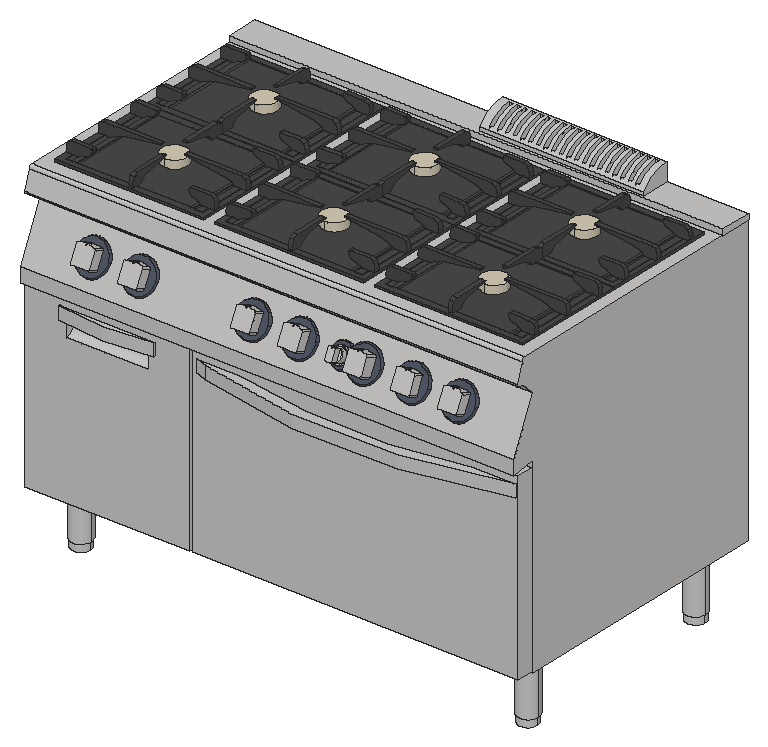
Revit family "QF_ZANUSSI_372006_Z7GCGL6C20", category Specialty Equipment, Revit 2018 (continued)
Lines and regions (mm)
  symbolic lines
    curve 231: arc (751.751, -726.999, 908.9) -> (759.749, -728.085, 908.9) -> (767.747, -726.999, 908.9) r 30
    curve 232: arc (465.502, -715, 0) -> (804.25, -760, 0) -> (1142.998, -715, 0) r 1297.5
    curve 233: arc (1023.5, -715.969, 0) -> (837.368, -734.569, 0) -> (650.52, -725.68, 0) r 1272.5
    curve 235: line (0, -715, 0) -> (130.5, -715, 0)
    curve 236: line (176.5, -715, 0) -> (245.5, -715, 0)
    curve 237: line (291.371, -715, 0) -> (519.5, -715, 0)
    curve 238: line (565.5, -715, 0) -> (634.5, -715, 0)
    curve 239: line (680.5, -715, 0) -> (751.751, -715, 0)
    curve 240: line (837.75, -715, 0) -> (908.5, -715, 0)
    curve 241: line (954.5, -715, 0) -> (1023.5, -715, 0)
    curve 242: line (1069.5, -715, 0) -> (1200, -715, 0)
    curve 243: arc (634.5, -723.627, 0) -> (609.907, -720.053, 0) -> (585.574, -715, 0) r 411.457
  symbolic lines, style "QF-Clearances", visible <- "Show Clearance", detail levels coarse
    curve 9: line (-150, -715, 150) -> (-150, 150, 150)
    curve 10: line (-150, 150, 150) -> (1350, 150, 150)
    curve 11: line (1350, 150, 150) -> (1350, -715, 150)
  symbolic lines, not visible
    curve 110: line (225.433, -800.018, 0) -> (225.433, -824.365, 0)
    curve 111: arc (225.433, -824.365, 0) -> (225.579, -824.829, 0) -> (225.965, -825.125, 0) r 0.809
    curve 112: arc (225.965, -825.125, 0) -> (227.153, -825.605, 0) -> (228.43, -825.698, 0) r 4.127
    curve 113: arc (225.433, -804.311, 0) -> (220.392, -802.477, 0) -> (215.624, -800.018, 0) r 42.24
    curve 114: arc (225.433, -806.557, 0) -> (225.935, -805.836, 0) -> (226.732, -805.467, 0) r 1.682
    curve 115: arc (226.732, -805.467, 0) -> (237.035, -803.968, 0) -> (247.433, -803.459, 0) r 109.079
    curve 116: line (247.433, -800.018, 0) -> (247.433, -805.689, 0)
    curve 117: line (247.433, -805.689, 0) -> (249.433, -805.689, 0)
    curve 118: line (249.433, -805.689, 0) -> (249.433, -800.018, 0)
    curve 119: line (271.433, -800.018, 0) -> (271.433, -824.365, 0)
    curve 120: arc (271.433, -824.365, 0) -> (271.287, -824.829, 0) -> (270.901, -825.125, 0) r 0.809
    curve 121: arc (270.901, -825.125, 0) -> (269.713, -825.605, 0) -> (268.436, -825.698, 0) r 4.127
    curve 122: arc (271.433, -804.311, 0) -> (276.474, -802.477, 0) -> (281.242, -800.018, 0) r 42.24
    curve 123: arc (271.433, -806.557, 0) -> (270.931, -805.836, 0) -> (270.133, -805.467, 0) r 1.682
    curve 124: arc (270.133, -805.467, 0) -> (259.831, -803.968, 0) -> (249.433, -803.459, 0) r 109.079
    curve 125: line (228.43, -825.698, 0) -> (268.436, -825.698, 0)
  symbolic lines, style "SpecialityEquipment"
    curve 234: line (0, -700, 0) -> (1200, -700, 0)
Dimensions and locks
  equal spacing: plane 3 "LEFT", plane 7 "Center Y", plane 4 "RIGHT"
  "Width": plane 3 "LEFT" to plane 4 "RIGHT"
  equal spacing: plane 5 "FRONT", plane 8 "Center X", plane 1 "BACK"
  "Depth": plane 11 to plane 1 "BACK"
  "Height": plane 6 "TOP" to level
  plane 9 "Base" to level = 150 mm
  plane 6 "TOP" to plane 10 = 58 mm  (x2)
  plane 1 "BACK" to plane 11 = 715 mm
  plane 1 "BACK" to plane 12 = 1109 mm
  aligned and locked: level to plane 2
Automatic sketch dimensions
  curve 232 to curve 233 = 0 mm  (x2)
  curve 234 to plane 3 "LEFT" = 0 mm
  curve 235 to plane 3 "LEFT" = 0 mm
  plane 11 to curve 235 = 0 mm
  plane 11 to curve 236 = 0 mm
  plane 11 to curve 237 = 0 mm
  plane 11 to curve 238 = 0 mm
  plane 11 to curve 239 = 0 mm
  plane 11 to curve 222 = 0 mm
  plane 5 "FRONT" to curve 218 = 0 mm
  plane 11 to curve 240 = 0 mm
  plane 11 to curve 241 = 0 mm
  plane 11 to curve 242 = 0 mm
  curve 242 to plane 4 "RIGHT" = 0 mm
  curve 234 to plane 4 "RIGHT" = 0 mm
  plane 8 "Center X" to curve 243 = 35.153 mm
  plane 7 "Center Y" to curve 243 = 81.355 mm
  plane 11 to curve 215 = 9.347 mm
  plane 7 "Center Y" to curve 215 = 191.75 mm
  curve 216 to curve 216 = 0.809 mm
  curve 219 to curve 219 = 1.583 mm
  curve 216 to curve 217 = 1.846 mm
  curve 216 to curve 221 = 2.189 mm
  curve 215 to curve 218 = 11.892 mm
  plane 7 "Center Y" to curve 232 = 204.25 mm
  plane 5 "FRONT" to curve 214 = 5.671 mm
  curve 219 to curve 214 = 20.417 mm
  curve 221 to curve 220 = 19.134 mm
  curve 220 to curve 211 = 1.738 mm
  curve 213 to curve 212 = 2 mm
  curve 218 to curve 209 = 22.215 mm
  curve 212 to curve 221 = 19.003 mm
  curve 221 to curve 208 = 0.343 mm
  curve 208 to curve 210 = 1.071 mm
  curve 221 to curve 207 = 2.189 mm
  curve 207 to curve 206 = 0.809 mm
  curve 207 to curve 240 = 9.347 mm
  curve 221 to curve 207 = 1.333 mm
  curve 220 to curve 221 = 86.839 mm
  curve 220 to curve 211 = 0 mm
  curve 216 to curve 217 = 2.779 mm
  curve 207 to curve 208 = 2.779 mm
  plane 5 "FRONT" to curve 210 = 7.106 mm
  plane 5 "FRONT" to curve 219 = 7.106 mm
  curve 209 to plane 5 "FRONT" = 36.239 mm
  curve 218 to curve 209 = 0 mm
  curve 232 to plane 1 "BACK" = 537.5 mm
  plane 14 to curve 235 = 46.999 mm
  plane 14 to curve 236 = 0.999 mm
  curve 236 to plane 14 = 68.001 mm
  curve 236 to curve 237 = 45.871 mm
  curve 232 to plane 7 "Center Y" = 134.498 mm
  curve 232 to curve 237 = 53.998 mm
  curve 238 to plane 7 "Center Y" = 34.5 mm
  curve 243 to plane 7 "Center Y" = 14.426 mm
  plane 7 "Center Y" to curve 238 = 34.5 mm
  curve 243 to curve 238 = 0 mm
  curve 243 to curve 233 = 16.02 mm
  curve 233 to curve 239 = 29.98 mm
  curve 239 to curve 222 = 39.999 mm
  curve 239 to curve 222 = 15.995 mm
  curve 218 to curve 215 = 9.809 mm
  curve 219 to curve 219 = 0.284 mm
  curve 210 to curve 211 = 0.284 mm
  curve 206 to curve 209 = 9.809 mm
  curve 209 to curve 240 = 60.941 mm
  curve 240 to curve 241 = 46 mm
  plane 11 to curve 233 = 0.969 mm
  curve 241 to curve 233 = 69 mm
  curve 241 to curve 233 = 0 mm
  curve 241 to curve 242 = 46 mm
  curve 210 to curve 210 = 0.567 mm
  curve 219 to curve 219 = 0.567 mm
  Revolve 1 sketch curve to plane 9 "Base" = 0 mm  (x2)
  Revolve 1 sketch curve to level = 0 mm
  plane 3 "LEFT" to Revolve 1 sketch curve = 30.6 mm
  Revolve 1 sketch curve to Revolve 1 sketch curve = 2.5 mm
  Revolve 1 sketch curve to Revolve 1 sketch curve = 25.4 mm
  level to Revolve 1 sketch curve = 19.05 mm
  Revolve 1 sketch curve to Revolve 1 sketch curve = 0 mm
  plane 9 "Base" to Revolve 1 sketch curve = 20 mm
  Revolve 2 sketch curve to plane 9 "Base" = 0 mm  (x2)
  Revolve 2 sketch curve to level = 0 mm
  plane 3 "LEFT" to Revolve 2 sketch curve = 30.6 mm
  Revolve 2 sketch curve to Revolve 2 sketch curve = 2.5 mm
  Revolve 2 sketch curve to Revolve 2 sketch curve = 25.4 mm
  level to Revolve 2 sketch curve = 19.05 mm
  Revolve 2 sketch curve to Revolve 2 sketch curve = 0 mm
  plane 9 "Base" to Revolve 2 sketch curve = 20 mm
  Revolve 3 sketch curve to plane 9 "Base" = 0 mm  (x2)
  Revolve 3 sketch curve to level = 0 mm
  Revolve 3 sketch curve to plane 4 "RIGHT" = 30.6 mm
  Revolve 3 sketch curve to Revolve 3 sketch curve = 2.5 mm
  Revolve 3 sketch curve to Revolve 3 sketch curve = 25.4 mm
  level to Revolve 3 sketch curve = 19.05 mm
  Revolve 3 sketch curve to Revolve 3 sketch curve = 0 mm
  plane 9 "Base" to Revolve 3 sketch curve = 20 mm
  Revolve 4 sketch curve to plane 9 "Base" = 0 mm  (x2)
  Revolve 4 sketch curve to level = 0 mm
  Revolve 4 sketch curve to plane 4 "RIGHT" = 30.6 mm
  Revolve 4 sketch curve to Revolve 4 sketch curve = 2.5 mm
  Revolve 4 sketch curve to Revolve 4 sketch curve = 25.4 mm
  level to Revolve 4 sketch curve = 19.05 mm
  Revolve 4 sketch curve to Revolve 4 sketch curve = 0 mm
  plane 9 "Base" to Revolve 4 sketch curve = 20 mm
  Extrusion 5 sketch curve to plane 11 = 0 mm
  Extrusion 5 sketch curve to plane 5 "FRONT" = 0 mm
  Extrusion 5 sketch curve to plane 10 = 0 mm
  Extrusion 5 sketch curve to plane 9 "Base" = 0 mm
  Extrusion 5 sketch curve to plane 1 "BACK" = 0 mm
  Extrusion 5 sketch curve to plane 5 "FRONT" = 0.116 mm
  Extrusion 5 sketch curve to Extrusion 5 sketch curve = 2.884 mm
  Extrusion 5 sketch curve to plane 5 "FRONT" = 13.167 mm
  Extrusion 5 sketch curve to Extrusion 5 sketch curve = 10.198 mm
  Extrusion 5 sketch curve to Extrusion 5 sketch curve = 7.474 mm
  plane 9 "Base" to Extrusion 5 sketch curve = 5 mm
  Extrusion 5 sketch curve to plane 5 "FRONT" = 40 mm
  Extrusion 5 sketch curve to Extrusion 5 sketch curve = 1.355 mm
  Extrusion 5 sketch curve to Extrusion 5 sketch curve = 0.445 mm
  Extrusion 5 sketch curve to Extrusion 5 sketch curve = 5 mm
  Extrusion 5 sketch curve to Extrusion 5 sketch curve = 31.82 mm  (x2)
  Extrusion 5 sketch curve to Extrusion 5 sketch curve = 242.526 mm
  Extrusion 5 sketch curve to Extrusion 5 sketch curve = 5.508 mm
  Extrusion 5 sketch curve to Extrusion 5 sketch curve = 10.259 mm
  Extrusion 5 sketch curve to Extrusion 5 sketch curve = 35 mm
  Extrusion 5 sketch curve to Extrusion 5 sketch curve = 81.162 mm
  Extrusion 5 sketch curve to Extrusion 5 sketch curve = 3 mm
  Extrusion 6 sketch curve to plane 10 = 0 mm
  Extrusion 6 sketch curve to plane 1 "BACK" = 0 mm
  plane 10 to Extrusion 6 sketch curve = 14.288 mm
  plane 1 "BACK" to Extrusion 6 sketch curve = 76.2 mm
  Extrusion 7 sketch curve to plane 4 "RIGHT" = 52.387 mm
  Extrusion 7 sketch curve to plane 8 "Center X" = 114 mm
  Extrusion 8 sketch curve to plane 12 = 0 mm
  Extrusion 8 sketch curve to plane 5 "FRONT" = 0 mm
  plane 9 "Base" to Extrusion 8 sketch curve = 6.458 mm
  Extrusion 8 sketch curve to plane 5 "FRONT" = 35.998 mm
  plane 9 "Base" to Extrusion 8 sketch curve = 5 mm
  plane 11 to curve 11 = 0 mm
  curve 3 to plane 4 "RIGHT" = 0 mm
  plane 1 "BACK" to curve 92 = 0 mm
  plane 11 to curve 245 = 0 mm
  plane 12 to curve 245 = 0 mm
  plane 11 to curve 244 = 0 mm
  curve 1 to plane 3 "LEFT" = 0 mm
  plane 11 to curve 9 = 0 mm
  plane 11 to curve 1 = 0 mm
  plane 11 to curve 3 = 0 mm
  plane 4 "RIGHT" to curve 10 = 150 mm
  plane 1 "BACK" to curve 60 = 63.911 mm
  curve 60 to plane 4 "RIGHT" = 212.447 mm
  curve 60 to curve 63 = 9.296 mm
  curve 62 to curve 64 = 9.397 mm
  curve 64 to curve 65 = 9.296 mm
  curve 65 to curve 68 = 9.397 mm
  curve 68 to curve 69 = 9.296 mm
  curve 70 to curve 72 = 9.397 mm
  curve 72 to curve 74 = 9.296 mm
  curve 73 to curve 77 = 9.397 mm
  curve 76 to curve 77 = 9.296 mm
  curve 77 to curve 81 = 9.397 mm
  curve 80 to curve 82 = 9.296 mm
  curve 82 to curve 87 = 9.397 mm
  curve 84 to curve 86 = 9.296 mm
  curve 86 to curve 91 = 9.397 mm
  curve 88 to curve 91 = 9.296 mm
  curve 89 to curve 16 = 9.397 mm
  curve 16 to curve 18 = 9.296 mm
  curve 18 to curve 23 = 9.397 mm
  curve 20 to curve 22 = 9.296 mm
  curve 22 to curve 24 = 9.397 mm
  curve 24 to curve 26 = 9.296 mm
  curve 26 to curve 31 = 9.397 mm
  curve 28 to curve 29 = 9.296 mm
  curve 29 to curve 32 = 9.397 mm
  curve 32 to curve 34 = 9.296 mm
  curve 34 to curve 36 = 9.397 mm
  curve 36 to curve 38 = 9.296 mm
  curve 38 to curve 40 = 9.397 mm
  curve 40 to curve 41 = 9.296 mm
  curve 41 to curve 44 = 9.397 mm
  curve 44 to curve 45 = 9.296 mm
  curve 45 to curve 48 = 9.397 mm
  curve 48 to curve 50 = 9.296 mm
  curve 49 to curve 53 = 9.397 mm
  curve 52 to curve 54 = 9.296 mm
  curve 54 to curve 56 = 9.397 mm
  curve 56 to curve 57 = 9.296 mm
  curve 58 to curve 15 = 9.397 mm
  curve 12 to curve 14 = 9.296 mm
  curve 9 to plane 3 "LEFT" = 150 mm
  curve 11 to plane 1 "BACK" = 150 mm
  plane 1 "BACK" to curve 86 = 6.761 mm
  plane 1 "BACK" to curve 83 = 6.761 mm
  plane 1 "BACK" to curve 88 = 6.761 mm
  plane 1 "BACK" to curve 12 = 6.761 mm
  plane 1 "BACK" to curve 79 = 6.761 mm
  plane 1 "BACK" to curve 16 = 6.761 mm
  plane 1 "BACK" to curve 75 = 6.761 mm
  plane 1 "BACK" to curve 20 = 6.761 mm
  plane 1 "BACK" to curve 71 = 6.761 mm
  plane 1 "BACK" to curve 24 = 6.761 mm
  plane 1 "BACK" to curve 67 = 6.761 mm
  plane 1 "BACK" to curve 28 = 6.761 mm
  plane 1 "BACK" to curve 63 = 6.761 mm
  plane 1 "BACK" to curve 32 = 6.761 mm
  plane 1 "BACK" to curve 59 = 6.761 mm
  plane 1 "BACK" to curve 36 = 6.761 mm
  plane 1 "BACK" to curve 55 = 6.761 mm
  plane 1 "BACK" to curve 40 = 6.761 mm
  plane 1 "BACK" to curve 51 = 6.761 mm
  plane 1 "BACK" to curve 44 = 6.761 mm
  curve 46 to curve 46 = 57.15 mm
  curve 44 to curve 42 = 0 mm
  curve 90 to curve 90 = 57.15 mm
  curve 49 to curve 45 = 0 mm
  curve 40 to curve 38 = 0 mm
  curve 52 to curve 49 = 0 mm
  curve 36 to curve 34 = 0 mm
  curve 56 to curve 53 = 0 mm
  curve 32 to curve 30 = 0 mm
  curve 28 to curve 26 = 0 mm
  curve 64 to curve 61 = 0 mm
  curve 24 to curve 22 = 0 mm
  curve 68 to curve 65 = 0 mm
  curve 20 to curve 18 = 0 mm
  curve 72 to curve 69 = 0 mm
  curve 14 to curve 57 = 0 mm
  curve 76 to curve 73 = 0 mm
  curve 80 to curve 77 = 0 mm
  curve 88 to curve 86 = 0 mm
  curve 92 to curve 60 = 14.847 mm
  plane 7 "Center Y" to curve 93 = 2.4 mm
  curve 245 to plane 7 "Center Y" = 191.5 mm
  curve 245 to curve 244 = 8 mm
  curve 7 to curve 5 = 69.85 mm
  curve 5 to curve 6 = 6.35 mm
  plane 11 to Extrusion 9 sketch curve = 0 mm  (x2)
  Extrusion 9 sketch curve to plane 3 "LEFT" = 0 mm
  plane 1 "BACK" to Extrusion 9 sketch curve = 0 mm
  Extrusion 9 sketch curve to plane 4 "RIGHT" = 0 mm
  Extrusion 9 sketch curve to plane 3 "LEFT" = 150 mm
  plane 4 "RIGHT" to Extrusion 9 sketch curve = 150 mm
  Extrusion 9 sketch curve to plane 1 "BACK" = 150 mm
  plane 1 "BACK" to Extrusion 10 sketch curve = 63.911 mm  (x2)
  Extrusion 10 sketch curve to plane 4 "RIGHT" = 212.447 mm
  Extrusion 10 sketch curve to Extrusion 10 sketch curve = 9.296 mm  (x20)
  Extrusion 10 sketch curve to Extrusion 10 sketch curve = 9.397 mm  (x19)
  Extrusion 10 sketch curve to Extrusion 10 sketch curve = 0 mm  (x18)
  plane 1 "BACK" to Extrusion 10 sketch curve = 6.761 mm  (x20)
  Extrusion 11 sketch curve to plane 1 "BACK" = 0 mm
  Extrusion 11 sketch curve to plane 6 "TOP" = 0 mm
  plane 1 "BACK" to Extrusion 11 sketch curve = 1.769 mm
  plane 10 to Extrusion 11 sketch curve = 23.813 mm
  plane 1 "BACK" to Extrusion 11 sketch curve = 69.85 mm
  plane 10 to Extrusion 11 sketch curve = 14.288 mm
  Blend 12 sketch curve to plane 7 "Center Y" = 57.5 mm  (x2)
  Extrusion 13 sketch curve to plane 7 "Center Y" = 80.5 mm
  Extrusion 13 sketch curve to Extrusion 13 sketch curve = 2.997 mm  (x3)
  Extrusion 13 sketch curve to Extrusion 13 sketch curve = 20.003 mm  (x2)
  Extrusion 13 sketch curve to plane 7 "Center Y" = 37.497 mm
  Extrusion 13 sketch curve to Extrusion 13 sketch curve = 5.399 mm
  Extrusion 13 sketch curve to Extrusion 13 sketch curve = 40.037 mm
  Extrusion 13 sketch curve to Extrusion 13 sketch curve = 0 mm  (x2)
  plane 13 "panel" to Extrusion 14 sketch curve = 35 mm
  plane 5 "FRONT" to Extrusion 14 sketch curve = 5.671 mm
  Extrusion 14 sketch curve to Extrusion 14 sketch curve = 3 mm
  Extrusion 14 sketch curve to Extrusion 14 sketch curve = 0 mm  (x2)
  Extrusion 14 sketch curve to Extrusion 14 sketch curve = 1 mm
  Extrusion 14 sketch curve to Extrusion 14 sketch curve = 15 mm
  Extrusion 15 sketch curve to plane 7 "Center Y" = 75 mm
  Extrusion 15 sketch curve to Extrusion 15 sketch curve = 35 mm  (x2)
  plane 13 "panel" to Extrusion 16 sketch curve = 35 mm
  plane 5 "FRONT" to Extrusion 16 sketch curve = 5.671 mm
  Extrusion 16 sketch curve to Extrusion 16 sketch curve = 3 mm
  Extrusion 16 sketch curve to Extrusion 16 sketch curve = 0 mm
  Extrusion 16 sketch curve to Extrusion 16 sketch curve = 1 mm  (x2)
  Extrusion 16 sketch curve to Extrusion 16 sketch curve = 15 mm
  plane 7 "Center Y" to Extrusion 17 sketch curve = 75 mm
  Extrusion 17 sketch curve to Extrusion 17 sketch curve = 35 mm  (x2)
  plane 7 "Center Y" to Blend 18 sketch curve = 57.5 mm  (x2)
  plane 7 "Center Y" to Extrusion 19 sketch curve = 80.5 mm
  Extrusion 19 sketch curve to Extrusion 19 sketch curve = 2.997 mm  (x3)
  Extrusion 19 sketch curve to Extrusion 19 sketch curve = 20.003 mm  (x2)
  plane 7 "Center Y" to Extrusion 19 sketch curve = 37.497 mm
  Extrusion 19 sketch curve to Extrusion 19 sketch curve = 0 mm  (x2)
  Extrusion 19 sketch curve to Extrusion 19 sketch curve = 40.037 mm
  Extrusion 19 sketch curve to Extrusion 19 sketch curve = 5.399 mm
  Split face 2 sketch curve to Split face 2 sketch curve = 6 mm
  Split face 2 sketch curve to Split face 2 sketch curve = 10 mm
  Split face 3 sketch curve to Split face 3 sketch curve = 5 mm
  Split face 3 sketch curve to Split face 3 sketch curve = 9 mm
  Split face 4 sketch curve to Split face 4 sketch curve = 5 mm
  Split face 5 sketch curve to Split face 5 sketch curve = 5 mm
  Split face 6 sketch curve to Split face 6 sketch curve = 6 mm
  Split face 6 sketch curve to Split face 6 sketch curve = 10 mm
  Split face 7 sketch curve to Split face 7 sketch curve = 5 mm
  Split face 7 sketch curve to Split face 7 sketch curve = 9 mm
  Split face 8 sketch curve to Split face 8 sketch curve = 5 mm
  Split face 9 sketch curve to Split face 9 sketch curve = 5 mm
  plane 7 "Center Y" to Blend 20 sketch curve = 161.75 mm  (x2)
  Blend 20 sketch curve to Blend 20 sketch curve = 53 mm  (x2)
  Blend 20 sketch curve to Blend 20 sketch curve = 0 mm  (x2)
  Blend 20 sketch curve to Blend 20 sketch curve = 17.95 mm
  Blend 20 sketch curve to Blend 20 sketch curve = 24.037 mm
  Blend 20 sketch curve to Blend 20 sketch curve = 18.422 mm
  Blend 20 sketch curve to Blend 20 sketch curve = 21.086 mm
  plane 7 "Center Y" to Extrusion 21 sketch curve = 159.749 mm
  plane 13 "panel" to Extrusion 22 sketch curve = 40 mm
  plane 7 "Center Y" to Extrusion 22 sketch curve = 142.857 mm
  Extrusion 22 sketch curve to Extrusion 22 sketch curve = 6.058 mm
  Extrusion 22 sketch curve to Extrusion 22 sketch curve = 0.01 mm  (x4)
  Extrusion 22 sketch curve to Extrusion 22 sketch curve = 8.895 mm  (x2)
  Extrusion 22 sketch curve to Extrusion 22 sketch curve = 15.995 mm
  Extrusion 22 sketch curve to Extrusion 22 sketch curve = 2.827 mm
  Extrusion 22 sketch curve to Extrusion 22 sketch curve = 15.163 mm
  Extrusion 22 sketch curve to Extrusion 22 sketch curve = 0 mm
  Extrusion 22 sketch curve to Extrusion 22 sketch curve = 15.173 mm
  plane 7 "Center Y" to Extrusion 23 sketch curve = 191.75 mm
  Extrusion 23 sketch curve to Extrusion 23 sketch curve = 2.997 mm  (x3)
  Extrusion 23 sketch curve to Extrusion 23 sketch curve = 20.003 mm  (x2)
  Extrusion 23 sketch curve to Extrusion 23 sketch curve = 40.005 mm
  Extrusion 23 sketch curve to Extrusion 23 sketch curve = 5.399 mm
  Extrusion 23 sketch curve to Extrusion 23 sketch curve = 40.037 mm
  Extrusion 23 sketch curve to Extrusion 23 sketch curve = 0 mm  (x2)
  Split face 43 sketch curve to Split face 43 sketch curve = 2.545 mm
  Split face 43 sketch curve to Split face 43 sketch curve = 4.379 mm
  Blend 24 sketch curve to plane 4 "RIGHT" = 268.5 mm  (x2)
  Extrusion 25 sketch curve to plane 4 "RIGHT" = 291.5 mm
  Extrusion 25 sketch curve to Extrusion 25 sketch curve = 2.997 mm  (x3)
  Extrusion 25 sketch curve to Extrusion 25 sketch curve = 20.003 mm  (x2)
  Extrusion 25 sketch curve to Extrusion 25 sketch curve = 40.005 mm
  Extrusion 25 sketch curve to Extrusion 25 sketch curve = 5.399 mm
  Extrusion 25 sketch curve to Extrusion 25 sketch curve = 40.037 mm
  Extrusion 25 sketch curve to Extrusion 25 sketch curve = 0 mm  (x2)
  plane 13 "panel" to Extrusion 26 sketch curve = 35 mm
  plane 5 "FRONT" to Extrusion 26 sketch curve = 5.671 mm
  Extrusion 26 sketch curve to Extrusion 26 sketch curve = 3 mm
  Extrusion 26 sketch curve to Extrusion 26 sketch curve = 0 mm  (x2)
  Extrusion 26 sketch curve to Extrusion 26 sketch curve = 1 mm
  Extrusion 26 sketch curve to Extrusion 26 sketch curve = 15 mm
  Extrusion 27 sketch curve to plane 4 "RIGHT" = 286 mm
  Extrusion 27 sketch curve to Extrusion 27 sketch curve = 35 mm  (x2)
  plane 13 "panel" to Extrusion 28 sketch curve = 35 mm
  plane 5 "FRONT" to Extrusion 28 sketch curve = 5.671 mm
  Extrusion 28 sketch curve to Extrusion 28 sketch curve = 3 mm
  Extrusion 28 sketch curve to Extrusion 28 sketch curve = 0 mm
  Extrusion 28 sketch curve to Extrusion 28 sketch curve = 1 mm  (x2)
  Extrusion 28 sketch curve to Extrusion 28 sketch curve = 15 mm
  Extrusion 29 sketch curve to plane 4 "RIGHT" = 136 mm
  Extrusion 29 sketch curve to Extrusion 29 sketch curve = 35 mm  (x2)
  Blend 30 sketch curve to plane 4 "RIGHT" = 153.5 mm  (x2)
  Extrusion 31 sketch curve to plane 4 "RIGHT" = 130.5 mm
  Extrusion 31 sketch curve to Extrusion 31 sketch curve = 2.997 mm  (x3)
  Extrusion 31 sketch curve to Extrusion 31 sketch curve = 20.003 mm  (x2)
  Extrusion 31 sketch curve to Extrusion 31 sketch curve = 40.005 mm
  Extrusion 31 sketch curve to Extrusion 31 sketch curve = 0 mm  (x2)
  Extrusion 31 sketch curve to Extrusion 31 sketch curve = 40.037 mm
  Extrusion 31 sketch curve to Extrusion 31 sketch curve = 5.399 mm
  Split face 45 sketch curve to Split face 45 sketch curve = 6 mm
  Split face 45 sketch curve to Split face 45 sketch curve = 10 mm
  Split face 46 sketch curve to Split face 46 sketch curve = 5 mm
  Split face 46 sketch curve to Split face 46 sketch curve = 9 mm
  Split face 47 sketch curve to Split face 47 sketch curve = 5 mm
  Split face 48 sketch curve to Split face 48 sketch curve = 5 mm
  Split face 49 sketch curve to Split face 49 sketch curve = 6 mm
  Split face 49 sketch curve to Split face 49 sketch curve = 10 mm
  Split face 50 sketch curve to Split face 50 sketch curve = 5 mm
  Split face 50 sketch curve to Split face 50 sketch curve = 9 mm
  Split face 51 sketch curve to Split face 51 sketch curve = 5 mm
  Split face 52 sketch curve to Split face 52 sketch curve = 5 mm
  plane 14 to Blend 32 sketch curve = 23.999 mm  (x2)
  plane 14 to Extrusion 33 sketch curve = 46.999 mm
  Extrusion 33 sketch curve to Extrusion 33 sketch curve = 2.997 mm  (x2)
  Extrusion 33 sketch curve to Extrusion 33 sketch curve = 20.003 mm
  plane 14 to Extrusion 33 sketch curve = 3.996 mm  (x2)
  plane 14 to Extrusion 33 sketch curve = 0.999 mm
  Extrusion 33 sketch curve to Extrusion 33 sketch curve = 5.399 mm
  Extrusion 33 sketch curve to Extrusion 33 sketch curve = 40.037 mm
  Extrusion 33 sketch curve to Extrusion 33 sketch curve = 0 mm  (x2)
  plane 13 "panel" to Extrusion 34 sketch curve = 35 mm
  plane 5 "FRONT" to Extrusion 34 sketch curve = 5.671 mm
  Extrusion 34 sketch curve to Extrusion 34 sketch curve = 3 mm
  Extrusion 34 sketch curve to Extrusion 34 sketch curve = 0 mm  (x2)
  Extrusion 34 sketch curve to Extrusion 34 sketch curve = 1 mm
  Extrusion 34 sketch curve to Extrusion 34 sketch curve = 15 mm
  plane 14 to Extrusion 35 sketch curve = 41.499 mm
  plane 14 to Extrusion 35 sketch curve = 6.499 mm
  Extrusion 35 sketch curve to Extrusion 35 sketch curve = 35 mm
  plane 13 "panel" to Extrusion 36 sketch curve = 35 mm
  plane 5 "FRONT" to Extrusion 36 sketch curve = 5.671 mm
  Extrusion 36 sketch curve to Extrusion 36 sketch curve = 3 mm
  Extrusion 36 sketch curve to Extrusion 36 sketch curve = 0 mm
  Extrusion 36 sketch curve to Extrusion 36 sketch curve = 1 mm  (x2)
  Extrusion 36 sketch curve to Extrusion 36 sketch curve = 15 mm
  Extrusion 37 sketch curve to plane 14 = 108.501 mm
  Extrusion 37 sketch curve to Extrusion 37 sketch curve = 35 mm  (x2)
  Blend 38 sketch curve to plane 14 = 91.001 mm  (x2)
  Extrusion 39 sketch curve to plane 14 = 114.001 mm
  Extrusion 39 sketch curve to Extrusion 39 sketch curve = 2.997 mm  (x3)
  Extrusion 39 sketch curve to Extrusion 39 sketch curve = 20.003 mm  (x2)
  Extrusion 39 sketch curve to Extrusion 39 sketch curve = 40.005 mm
  Extrusion 39 sketch curve to Extrusion 39 sketch curve = 0 mm  (x2)
  Extrusion 39 sketch curve to Extrusion 39 sketch curve = 40.037 mm
  Extrusion 39 sketch curve to Extrusion 39 sketch curve = 5.399 mm
  Split face 61 sketch curve to Split face 61 sketch curve = 6 mm
  Split face 61 sketch curve to Split face 61 sketch curve = 10 mm
  Split face 62 sketch curve to Split face 62 sketch curve = 5 mm
  Split face 62 sketch curve to Split face 62 sketch curve = 9 mm
  Split face 63 sketch curve to Split face 63 sketch curve = 5 mm
  Split face 64 sketch curve to Split face 64 sketch curve = 5 mm
  Split face 65 sketch curve to Split face 65 sketch curve = 6 mm
  Split face 65 sketch curve to Split face 65 sketch curve = 10 mm
  Split face 66 sketch curve to Split face 66 sketch curve = 5 mm
  Split face 66 sketch curve to Split face 66 sketch curve = 9 mm
  Split face 67 sketch curve to Split face 67 sketch curve = 5 mm
  Split face 68 sketch curve to Split face 68 sketch curve = 5 mm
  plane 7 "Center Y" to Extrusion 40 sketch curve = 159.749 mm
  Extrusion 41 sketch curve to Extrusion 41 sketch curve = 0 mm  (x6)
  plane 5 "FRONT" to Extrusion 41 sketch curve = 0 mm  (x2)
  Extrusion 41 sketch curve to plane 4 "RIGHT" = 5.75 mm
  Extrusion 41 sketch curve to Extrusion 41 sketch curve = 93.605 mm
  plane 7 "Center Y" to Extrusion 41 sketch curve = 204.25 mm
  Extrusion 41 sketch curve to plane 1 "BACK" = 537.5 mm
  Extrusion 41 sketch curve to plane 11 = 4.65 mm
  plane 5 "FRONT" to Extrusion 42 sketch curve = 0 mm
  Extrusion 42 sketch curve to plane 14 = 138.301 mm
  Extrusion 42 sketch curve to plane 14 = 23.028 mm
  plane 3 "LEFT" to Extrusion 42 sketch curve = 85.253 mm
  plane 1 "BACK" to Extrusion 42 sketch curve = 105.503 mm
  plane 5 "FRONT" to Extrusion 42 sketch curve = 4 mm
  plane 5 "FRONT" to curve 230 = 0 mm
  plane 5 "FRONT" to curve 226 = 0 mm
  plane 5 "FRONT" to curve 225 = 0 mm
  plane 5 "FRONT" to curve 229 = 0 mm
  plane 11 to curve 224 = 11.999 mm
  plane 7 "Center Y" to curve 224 = 167.747 mm
  curve 231 to plane 5 "FRONT" = 1.915 mm
  curve 224 to curve 231 = 7.998 mm
  plane 11 to curve 223 = 11.999 mm
  curve 227 to curve 227 = 2.259 mm
  curve 226 to curve 227 = 0.319 mm
  curve 226 to curve 224 = 3.717 mm
  curve 227 to curve 226 = 1.423 mm
  curve 230 to curve 226 = 4.288 mm
  curve 226 to curve 231 = 0.001 mm
  curve 226 to curve 225 = 0.001 mm
  plane 11 to curve 228 = 0.716 mm
  curve 228 to curve 228 = 0.865 mm
  curve 228 to plane 11 = 1.976 mm
  curve 228 to curve 225 = 0.141 mm
  curve 223 to curve 225 = 3.718 mm
  curve 226 to curve 225 = 0 mm
  plane 5 "FRONT" to curve 224 = 1.224 mm
  plane 5 "FRONT" to curve 223 = 1.224 mm
  plane 5 "FRONT" to curve 229 = 4.847 mm
  curve 231 to curve 225 = 6.762 mm
  curve 229 to curve 226 = 0.003 mm
  plane 5 "FRONT" to curve 230 = 4.85 mm
  curve 226 to curve 227 = 0.047 mm
  Extrusion 43 sketch curve to plane 9 "Base" = 0 mm
  Extrusion 43 sketch curve to plane 12 = 0 mm
  Extrusion 43 sketch curve to plane 5 "FRONT" = 0 mm
  Extrusion 43 sketch curve to Extrusion 43 sketch curve = 44.603 mm
  Extrusion 44 sketch curve to plane 4 "RIGHT" = 48 mm
  Extrusion 44 sketch curve to plane 8 "Center X" = 163 mm
  Extrusion 45 sketch curve to plane 5 "FRONT" = 0 mm
  plane 5 "FRONT" to Extrusion 45 sketch curve = 2.777 mm
  Extrusion 45 sketch curve to plane 5 "FRONT" = 21.853 mm
  Extrusion 45 sketch curve to plane 10 = 334.95 mm
  Extrusion 45 sketch curve to Extrusion 45 sketch curve = 26.327 mm
  plane 9 "Base" to Extrusion 46 sketch curve = 5 mm
  Extrusion 46 sketch curve to plane 7 "Center Y" = 199.5 mm
  Extrusion 46 sketch curve to Extrusion 46 sketch curve = 8 mm
  Extrusion 46 sketch curve to plane 10 = 250 mm
  plane 13 "panel" to Extrusion 47 sketch curve = 35 mm
  plane 5 "FRONT" to Extrusion 47 sketch curve = 5.671 mm
  Extrusion 47 sketch curve to Extrusion 47 sketch curve = 3 mm
  Extrusion 47 sketch curve to Extrusion 47 sketch curve = 0 mm  (x2)
  Extrusion 47 sketch curve to Extrusion 47 sketch curve = 1 mm
  Extrusion 47 sketch curve to Extrusion 47 sketch curve = 15 mm
  plane 13 "panel" to Extrusion 48 sketch curve = 41 mm
  plane 11 to Extrusion 48 sketch curve = 1.082 mm
  Extrusion 48 sketch curve to Extrusion 48 sketch curve = 3 mm
  Extrusion 48 sketch curve to Extrusion 48 sketch curve = 0 mm  (x2)
  Extrusion 48 sketch curve to Extrusion 48 sketch curve = 1 mm
  Extrusion 48 sketch curve to Extrusion 48 sketch curve = 15 mm
  radius of Extrusion 7 sketch curve = 6.35 mm
  radius of Blend 12 sketch curve = 42.5 mm
  radius of Blend 12 sketch curve = 40.5 mm
  radius of Split face 1 sketch curve = 3 mm
  radius of Blend 18 sketch curve = 42.5 mm
  radius of Blend 18 sketch curve = 40.5 mm
  radius of Split face 10 sketch curve = 1.5 mm
  radius of Split face 11 sketch curve = 2.029 mm
  radius of Split face 12 sketch curve = 2.031 mm
  radius of Split face 13 sketch curve = 3.497 mm
  radius of Split face 14 sketch curve = 3.497 mm
  radius of Split face 15 sketch curve = 3 mm
  radius of Split face 16 sketch curve = 1.5 mm
  radius of Extrusion 21 sketch curve = 20 mm
  radius of Split face 17 sketch curve = 1 mm
  radius of Split face 18 sketch curve = 1 mm
  radius of Split face 19 sketch curve = 1 mm
  radius of Split face 20 sketch curve = 1 mm
  radius of Split face 21 sketch curve = 1 mm
  radius of Split face 22 sketch curve = 1 mm
  radius of Split face 23 sketch curve = 1 mm
  radius of Split face 24 sketch curve = 1 mm
  radius of Split face 25 sketch curve = 1 mm
  radius of Split face 26 sketch curve = 1 mm
  radius of Split face 27 sketch curve = 1 mm
  radius of Split face 28 sketch curve = 1 mm
  radius of Split face 29 sketch curve = 1 mm
  radius of Split face 30 sketch curve = 1 mm
  radius of Split face 31 sketch curve = 1 mm
  radius of Split face 32 sketch curve = 1 mm
  radius of Split face 33 sketch curve = 1 mm
  radius of Split face 34 sketch curve = 1 mm
  radius of Split face 35 sketch curve = 1 mm
  radius of Split face 36 sketch curve = 1 mm
  radius of Split face 37 sketch curve = 1 mm
  radius of Split face 38 sketch curve = 1 mm
  radius of Split face 39 sketch curve = 1 mm
  radius of Split face 40 sketch curve = 1 mm
  radius of Split face 41 sketch curve = 1.508 mm
  radius of Split face 42 sketch curve = 1.343 mm
  radius of Blend 24 sketch curve = 42.5 mm
  radius of Blend 24 sketch curve = 40.5 mm
  radius of Split face 44 sketch curve = 3 mm
  radius of Blend 30 sketch curve = 42.5 mm
  radius of Blend 30 sketch curve = 40.5 mm
  radius of Split face 53 sketch curve = 1.5 mm
  radius of Split face 54 sketch curve = 2.029 mm
  radius of Split face 55 sketch curve = 2.031 mm
  radius of Split face 56 sketch curve = 3.497 mm
  radius of Split face 57 sketch curve = 3.497 mm
  radius of Split face 58 sketch curve = 3 mm
  radius of Split face 59 sketch curve = 1.5 mm
  radius of Blend 32 sketch curve = 42.5 mm
  radius of Blend 32 sketch curve = 40.5 mm
  radius of Split face 60 sketch curve = 3 mm
  radius of Blend 38 sketch curve = 42.5 mm
  radius of Blend 38 sketch curve = 40.5 mm
  radius of Split face 69 sketch curve = 1.5 mm
  radius of Split face 70 sketch curve = 2.029 mm
  radius of Split face 71 sketch curve = 2.031 mm
  radius of Split face 72 sketch curve = 3.497 mm
  radius of Split face 73 sketch curve = 3.497 mm
  radius of Split face 74 sketch curve = 3 mm
  radius of Split face 75 sketch curve = 1.5 mm
  radius of Extrusion 40 sketch curve = 16 mm
  radius of Extrusion 44 sketch curve = 10 mm
Nested families
  nested 1: "QF_372006_BURNER" at (23.5, -5, 0), type "QF_372006_BURNER"
    with Type Mark "", Status "", Specification by User "", Revision Code "", Item Number "", Installed By "", Identify Quantity as Lot yes, Furnished By "", Foodservice Equipment Identifier yes
  nested 2: "QF_372006_BURNER" at (23.5, -739.127, 0), type "QF_372006_BURNER"
    with Type Mark "", Status "", Specification by User "", Revision Code "", Item Number "", Installed By "", Identify Quantity as Lot yes, Furnished By "", Foodservice Equipment Identifier yes
  nested 3: "QF_372006_BURNER" at (412.5, -5, 0), type "QF_372006_BURNER"
    with Type Mark "", Status "", Specification by User "", Revision Code "", Item Number "", Installed By "", Identify Quantity as Lot yes, Furnished By "", Foodservice Equipment Identifier yes
  nested 4: "QF_372006_BURNER" at (412.5, -739.127, 0), type "QF_372006_BURNER"
    with Type Mark "", Status "", Specification by User "", Revision Code "", Item Number "", Installed By "", Identify Quantity as Lot yes, Furnished By "", Foodservice Equipment Identifier yes
  nested 5: "QF_372006_BURNER" at (1176.5, -5, 0) x (-1, 0, 0) z (0, 0, 1), type "QF_372006_BURNER"
    with Type Mark "", Status "", Specification by User "", Revision Code "", Item Number "", Installed By "", Identify Quantity as Lot yes, Furnished By "", Foodservice Equipment Identifier yes
  nested 6: "QF_372006_BURNER" at (1176.5, -739.127, 0) x (-1, 0, 0) z (0, 0, 1), type "QF_372006_BURNER"
    with Type Mark "", Status "", Specification by User "", Revision Code "", Item Number "", Installed By "", Identify Quantity as Lot yes, Furnished By "", Foodservice Equipment Identifier yes
Connectors
  piping at (1147.613, -464, 141.185), diameter 12.8
    settings: on Extrusion 7, index 1, connector inside diameter 0.50394", connector length 0 mm, flow factor 0, pipe flow 0 GPM, pressure drop 0.00 psi, fitting loss kfactor 0, connector angle 0.00°, fixture units 0, engagement length 0 mm, angle of deflection 0.00°, flow configuration 1, flow direction 1, fitting loss method 0, system type 7, joint type 0, gender type 0, connector reference index -1, connector utility 0, adjustable connector no, is connector primary yes, connector description "Gas Inlet"
  electrical at (1152, -513, 147), driven by "Volts"
    settings: on Extrusion 44, index 2, voltage 380 V, apparent load 0 VA, apparent load phase1 0 VA, apparent load phase2 0 VA, apparent load phase3 0 VA, power factor 1, load classification "Other", number of poles 1, system type 30, power factor state 1, is connector primary yes, connector utility no, sub classification motor no, connector description "Electrical Connection"
Definition of nested family "QF_372006_BURNER"
  Parameters
    Weight in Pounds = 0
    URL Cutsheet = ""
    URL = "www.electrolux.com"
    Type Mark [instance] = ""
    Status [instance] = ""
    Specification by User [instance] = ""
    Specification by Manufacturer = ""
    Serial Number = ""
    Seismic Rating = ""
    SMACNA No = ""
    Revision Code [instance] = ""
    Omniclass Number and Title = ""
    NAFEM Spec ID Number = ""
    Model = "371009"
    Masterspec = ""
    Manufacturer = "ELECTROLUX"
    Item Number [instance] = ""
    Installed By [instance] = ""
    Identify Quantity as Lot [instance] = yes
    Furnished By [instance] = ""
    Foodservice Equipment Identifier [instance] = yes
    Description = ""
    CSI MasterFormat = ""
    CSI Master Format = ""
  Reference planes
    plane 1 "BACK": y = 0
    plane 2: z = 0
    plane 3 "LEFT": x = 0
    plane 4 "RIGHT": x = 800
    plane 5 "FRONT": y = -700
    plane 6 "TOP": z = 908.85
    plane 7 "Center Y": x = 400
    plane 8 "Center X": y = -350
    plane 9 "Base": z = 150
    plane 10: z = 850.85
  Forms (mm)
    Extrusion 1, solid
      sketch origin (0, -734.127, 5) x (1, 0, 0) y (0, 0, -1)
        loop
          arc (7.142, -850.85) -> (6.739, -862.989) -> (9.761, -874.752) r 42.809
          line (9.761, -874.752) -> (19.961, -879.425) -> (157.339, -879.425)
          arc (157.339, -879.425) -> (158.533, -878.312) -> (157.506, -877.043) r 1.197
          line (157.506, -877.043) -> (64.848, -864.021)
          arc (64.848, -864.021) -> (50.111, -858.738) -> (36.589, -850.85) r 85.245
          line (36.589, -850.85) -> (7.142, -850.85)
        loop
          line (367.858, -850.85) -> (338.411, -850.85)
          arc (338.411, -850.85) -> (324.889, -858.738) -> (310.152, -864.021) r 85.245
          line (310.152, -864.021) -> (217.494, -877.043)
          arc (217.494, -877.043) -> (216.467, -878.312) -> (217.661, -879.425) r 1.197
          line (217.661, -879.425) -> (355.039, -879.425) -> (365.239, -874.752)
          arc (365.239, -874.752) -> (368.261, -862.989) -> (367.858, -850.85) r 42.809
      from 224.564 to 234.564
    Extrusion 2, solid
      sketch origin (0, -734.127, 5) x (1, 0, 0) y (0, 0, -1)
        loop
          arc (7.056, -850.85) -> (6.705, -862.948) -> (9.748, -874.663) r 42.876
          line (9.748, -874.663) -> (19.961, -879.425) -> (65.851, -879.425)
          arc (65.851, -879.425) -> (68.577, -878.352) -> (69.841, -875.709) r 4
          arc (69.841, -875.709) -> (68.75, -869.25) -> (64.816, -864.012) r 13.87
          arc (64.816, -864.012) -> (50.096, -858.731) -> (36.589, -850.85) r 85.245
          line (36.589, -850.85) -> (7.056, -850.85)
        loop
          line (367.944, -850.85) -> (338.411, -850.85)
          arc (338.411, -850.85) -> (324.904, -858.731) -> (310.184, -864.012) r 85.245
          arc (310.184, -864.012) -> (306.25, -869.25) -> (305.159, -875.709) r 13.87
          arc (305.159, -875.709) -> (306.423, -878.352) -> (309.149, -879.425) r 4
          line (309.149, -879.425) -> (355.039, -879.425) -> (365.252, -874.663)
          arc (365.252, -874.663) -> (368.295, -862.948) -> (367.944, -850.85) r 42.876
      from 127.064 to 137.064
    Extrusion 3, solid
      sketch origin (0, -275, 5) x (1, 0, 0) y (0, 0, 1)
        loop
          arc (64.816, 864.012) -> (68.75, 869.25) -> (69.841, 875.709) r 13.87
          arc (69.841, 875.709) -> (68.577, 878.352) -> (65.851, 879.425) r 4
          line (65.851, 879.425) -> (19.961, 879.425) -> (9.748, 874.663)
          arc (9.748, 874.663) -> (6.705, 862.948) -> (7.056, 850.85) r 42.876
          line (7.056, 850.85) -> (36.589, 850.85)
          arc (36.589, 850.85) -> (50.096, 858.731) -> (64.816, 864.012) r 85.245
        loop
          arc (310.184, 864.012) -> (324.904, 858.731) -> (338.411, 850.85) r 85.245
          line (338.411, 850.85) -> (367.944, 850.85)
          arc (367.944, 850.85) -> (368.295, 862.948) -> (365.252, 874.663) r 42.876
          line (365.252, 874.663) -> (355.039, 879.425) -> (309.149, 879.425)
          arc (309.149, 879.425) -> (306.423, 878.352) -> (305.159, 875.709) r 4
          arc (305.159, 875.709) -> (306.25, 869.25) -> (310.184, 864.012) r 13.87
      from 127.064 to 137.064
    Extrusion 4, solid
      sketch origin (454.964, -29.48, 5) x (0, -1, 0) y (0, 0, 1)
        loop
          arc (366.649, 850.85) -> (375.927, 861.743) -> (389.337, 866.736) r 28.426
          line (389.337, 866.736) -> (441.256, 877.043)
          arc (441.256, 877.043) -> (442.283, 878.312) -> (441.089, 879.425) r 1.197
          line (441.089, 879.425) -> (347.797, 879.425)
          arc (347.797, 879.425) -> (343.211, 875.934) -> (337.583, 874.694) r 13.39
          line (337.583, 874.694) -> (337.583, 850.85) -> (366.649, 850.85)
        loop
          arc (606.236, 850.85) -> (606.587, 862.948) -> (603.543, 874.663) r 42.876
          line (603.543, 874.663) -> (593.33, 879.425) -> (509.077, 879.425)
          arc (509.077, 879.425) -> (507.883, 878.312) -> (508.911, 877.043) r 1.197
          line (508.911, 877.043) -> (560.83, 866.736)
          arc (560.83, 866.736) -> (574.239, 861.743) -> (583.518, 850.85) r 28.426
          line (583.518, 850.85) -> (606.236, 850.85)
      from 262.464 to 272.464
    Extrusion 5, solid
      sketch origin (0, 0, 850.85) x (0, -1, 0) y (1, 0, 0)
        loop
          line (642.216, 6.433) -> (642.216, 368.567) -> (367.857, 368.567) -> (367.857, 6.433) -> (642.216, 6.433)
        loop
          line (382.857, 21.433) -> (627.216, 21.433) -> (627.216, 353.567) -> (382.857, 353.567) -> (382.857, 21.433)
      from 0 to 5
    Extrusion 6, solid
      sketch origin (-12.5, 0, 855.85) x (0, -1, 0) y (1, 0, 0)
        loop
          circle (504.356, 200) r 30
      from -1.321 to 17.134
    Extrusion 7, solid
      sketch origin (0, -734.127, 0) x (1, 0, 0) y (0, 0, -1)
        loop
          line (21.433, -855.85) -> (36.589, -855.85)
          arc (36.589, -855.85) -> (40.561, -855.243) -> (44.305, -853.783) r 18.259
          arc (44.305, -853.783) -> (45.997, -853.366) -> (47.69, -853.783) r 3.649
          arc (47.69, -853.783) -> (49.901, -854.522) -> (52.232, -854.529) r 7.328
          line (52.232, -854.529) -> (322.768, -854.529)
          arc (322.768, -854.529) -> (325.099, -854.522) -> (327.31, -853.783) r 7.328
          arc (327.31, -853.783) -> (329.003, -853.366) -> (330.695, -853.783) r 3.649
          arc (330.695, -853.783) -> (334.439, -855.243) -> (338.411, -855.85) r 18.259
          line (338.411, -855.85) -> (353.567, -855.85) -> (353.567, -850.85) -> (21.433, -850.85) -> (21.433, -855.85)
      from 106.911 to 351.27
  Lines and regions (mm)
    symbolic lines
      curve 1: line (6.433, -642.216, 150) -> (368.567, -642.216, 150)
      curve 2: line (6.433, -367.857, 150) -> (6.433, -642.216, 150)
      curve 3: line (368.567, -367.857, 150) -> (192.5, -367.857, 150)
      curve 4: line (368.567, -642.216, 150) -> (368.567, -367.857, 150)
      curve 5: line (353.567, -382.857, 150) -> (192.5, -382.857, 150)
      curve 6: line (353.567, -627.216, 150) -> (353.567, -607.064, 150)
      curve 7: line (21.433, -627.216, 150) -> (182.5, -627.216, 150)
      curve 8: line (21.433, -382.857, 150) -> (21.433, -402.064, 150)
      curve 9: line (52.232, -627.216, 150) -> (52.232, -607.064, 150)
      curve 10: line (322.567, -382.857, 150) -> (322.567, -402.064, 150)
      curve 11: line (148.125, -499.564, 150) -> (148.125, -382.857, 150)
      curve 12: line (154.375, -382.857, 150) -> (154.375, -499.564, 150)
      curve 13: arc (148.297, -509.564, 150) -> (159.191, -533.254, 150) -> (182.5, -544.942, 150) r 39.375
      curve 14: arc (220.42, -509.564, 150) -> (211.39, -528.832, 150) -> (192.5, -538.631, 150) r 33.125
      curve 15: line (220.625, -382.857, 150) -> (220.625, -499.564, 150)
      curve 16: line (226.875, -499.564, 150) -> (226.875, -382.857, 150)
      curve 17: line (192.5, -636.339, 150) -> (192.5, -535.619, 150)
      curve 18: arc (182.657, -474.75, 150) -> (166.195, -483.236, 150) -> (157.853, -499.771, 150) r 30
      curve 19: arc (192.224, -533.982, 150) -> (208.621, -525.661, 150) -> (217.084, -509.337, 150) r 30
      curve 20: line (368.567, -597.064, 150) -> (305.159, -597.064, 150)
      curve 21: line (6.433, -607.064, 150) -> (69.841, -607.064, 150)
      curve 22: line (6.433, -509.564, 150) -> (156.429, -509.564, 150)
      curve 23: line (368.567, -499.564, 150) -> (218.571, -499.564, 150)
      curve 24: line (6.433, -412.064, 150) -> (69.841, -412.064, 150)
      curve 25: line (368.567, -402.064, 150) -> (305.159, -402.064, 150)
      curve 26: line (69.841, -597.064, 150) -> (6.433, -597.064, 150)
      curve 27: line (305.159, -607.064, 150) -> (368.567, -607.064, 150)
      curve 28: line (69.841, -402.064, 150) -> (6.433, -402.064, 150)
      curve 29: line (305.159, -412.064, 150) -> (368.567, -412.064, 150)
      curve 30: arc (69.841, -597.064, 150) -> (74.841, -602.064, 150) -> (69.841, -607.064, 150) r 5
      curve 31: arc (305.159, -607.064, 150) -> (300.159, -602.064, 150) -> (305.159, -597.064, 150) r 5
      curve 32: arc (69.841, -402.064, 150) -> (74.841, -407.064, 150) -> (69.841, -412.064, 150) r 5
      curve 33: arc (305.159, -412.064, 150) -> (300.159, -407.064, 150) -> (305.159, -402.064, 150) r 5
      curve 34: line (21.433, -412.064, 150) -> (21.433, -499.564, 150)
      curve 35: line (52.232, -402.064, 150) -> (52.232, -382.857, 150)
      curve 36: line (21.433, -509.564, 150) -> (21.433, -597.064, 150)
      curve 37: line (52.232, -499.564, 150) -> (52.232, -412.064, 150)
      curve 38: line (52.232, -597.064, 150) -> (52.232, -509.564, 150)
      curve 39: line (21.433, -607.064, 150) -> (21.433, -627.216, 150)
      curve 40: line (322.567, -607.064, 150) -> (322.567, -627.216, 150)
      curve 41: line (353.567, -597.064, 150) -> (353.567, -509.564, 150)
      curve 42: line (322.567, -509.564, 150) -> (322.567, -597.064, 150)
      curve 43: line (353.567, -499.564, 150) -> (353.567, -412.064, 150)
      curve 44: line (353.567, -402.064, 150) -> (353.567, -382.857, 150)
      curve 45: line (322.567, -412.064, 150) -> (322.567, -499.564, 150)
      curve 46: line (156.429, -499.564, 150) -> (6.433, -499.564, 150)
      curve 47: line (218.571, -509.564, 150) -> (368.567, -509.564, 150)
      curve 48: arc (218.571, -499.564, 150) -> (213.571, -504.564, 150) -> (218.571, -509.564, 150) r 5
      curve 49: arc (156.429, -499.564, 150) -> (161.429, -504.564, 150) -> (156.429, -509.564, 150) r 5
      curve 50: arc (157.916, -509.337, 150) -> (166.379, -525.661, 150) -> (182.776, -533.982, 150) r 30
      curve 51: arc (217.147, -499.771, 150) -> (208.805, -483.236, 150) -> (192.343, -474.75, 150) r 30
      curve 52: line (182.5, -535.619, 150) -> (182.5, -636.339, 150)
      curve 53: line (192.5, -473.508, 150) -> (192.5, -367.064, 150)
      curve 54: arc (192.5, -535.619, 150) -> (187.5, -530.619, 150) -> (182.5, -535.619, 150) r 5
      curve 55: arc (192.5, -473.508, 150) -> (187.5, -478.508, 150) -> (182.5, -473.508, 150) r 5
      curve 56: line (182.5, -367.857, 150) -> (6.433, -367.857, 150)
      curve 57: line (182.5, -382.857, 150) -> (21.433, -382.857, 150)
      curve 58: arc (192.5, -404.571, 150) -> (196.398, -417.071, 150) -> (192.5, -429.571, 150) r 21.993
      curve 59: arc (196.181, -420.148, 150) -> (199.482, -417.071, 150) -> (196.181, -413.995, 150) r 3.084
      curve 60: arc (182.5, -404.571, 150) -> (178.602, -417.071, 150) -> (182.5, -429.571, 150) r 21.993
      curve 61: arc (178.819, -420.148, 150) -> (175.518, -417.071, 150) -> (178.819, -413.995, 150) r 3.084
      curve 62: line (182.5, -367.064, 150) -> (182.5, -473.508, 150)
      curve 63: arc (182.5, -538.631, 150) -> (163.61, -528.832, 150) -> (154.58, -509.564, 150) r 33.125
      curve 64: arc (192.5, -544.942, 150) -> (215.809, -533.254, 150) -> (226.703, -509.564, 150) r 39.375
      curve 65: line (182.5, -636.339, 150) -> (192.5, -636.339, 150)
      curve 66: line (182.5, -377.277, 150) -> (192.5, -377.277, 150)
      curve 67: line (182.5, -367.064, 150) -> (192.5, -367.064, 150)
      curve 68: line (192.5, -627.216, 150) -> (353.567, -627.216, 150)
  Dimensions and locks
    equal spacing: plane 3 "LEFT", plane 7 "Center Y", plane 4 "RIGHT"
    plane 3 "LEFT" to plane 4 "RIGHT" = 800 mm
    equal spacing: plane 5 "FRONT", plane 8 "Center X", plane 1 "BACK"
    plane 5 "FRONT" to plane 1 "BACK" = 700 mm
    plane 6 "TOP" to level = 908.85 mm
    plane 9 "Base" to level = 150 mm
    plane 6 "TOP" to plane 10 = 58 mm  (x2)
    aligned and locked: level to plane 2
  Automatic sketch dimensions
    Extrusion 5 sketch curve to Extrusion 5 sketch curve = 15 mm  (x2)
    Extrusion 5 sketch curve to Extrusion 5 sketch curve = 332.134 mm
    plane 3 "LEFT" to Extrusion 2 sketch curve = 7.056 mm
    plane 3 "LEFT" to Extrusion 2 sketch curve = 9.748 mm
    Extrusion 2 sketch curve to Extrusion 2 sketch curve = 10.213 mm  (x2)
    plane 10 to Extrusion 2 sketch curve = 5 mm  (x2)
    Extrusion 2 sketch curve to Extrusion 2 sketch curve = 29.533 mm
    Extrusion 2 sketch curve to Extrusion 2 sketch curve = 12.72 mm  (x2)
    Extrusion 2 sketch curve to Extrusion 2 sketch curve = 6.697 mm
    Extrusion 2 sketch curve to Extrusion 2 sketch curve = 8.81 mm
    Extrusion 2 sketch curve to Extrusion 2 sketch curve = 9.845 mm  (x2)
    Extrusion 2 sketch curve to Extrusion 2 sketch curve = 3.99 mm  (x2)
    Extrusion 2 sketch curve to Extrusion 2 sketch curve = 0 mm  (x2)
    Extrusion 2 sketch curve to Extrusion 2 sketch curve = 36.813 mm
    Extrusion 2 sketch curve to plane 7 "Center Y" = 111.122 mm
    Extrusion 2 sketch curve to plane 6 "TOP" = 28.141 mm
    Extrusion 2 sketch curve to plane 7 "Center Y" = 94.841 mm
    Extrusion 2 sketch curve to Extrusion 2 sketch curve = 1.035 mm
    Extrusion 2 sketch curve to Extrusion 2 sketch curve = 15.507 mm
    Extrusion 2 sketch curve to Extrusion 2 sketch curve = 16.628 mm
    Extrusion 2 sketch curve to Extrusion 2 sketch curve = 2.692 mm
    Extrusion 2 sketch curve to plane 6 "TOP" = 24.425 mm
    Extrusion 2 sketch curve to Extrusion 2 sketch curve = 28.575 mm
    Extrusion 2 sketch curve to Extrusion 2 sketch curve = 3.716 mm
    Extrusion 2 sketch curve to Extrusion 2 sketch curve = 4.763 mm  (x2)
    plane 3 "LEFT" to Extrusion 1 sketch curve = 7.142 mm
    plane 3 "LEFT" to Extrusion 1 sketch curve = 9.761 mm
    Extrusion 1 sketch curve to Extrusion 1 sketch curve = 10.201 mm  (x2)
    plane 10 to Extrusion 1 sketch curve = 5 mm  (x2)
    Extrusion 1 sketch curve to Extrusion 1 sketch curve = 29.447 mm
    Extrusion 1 sketch curve to Extrusion 1 sketch curve = 12.704 mm  (x2)
    Extrusion 1 sketch curve to Extrusion 1 sketch curve = 15.555 mm  (x2)
    Extrusion 1 sketch curve to Extrusion 1 sketch curve = 36.829 mm
    Extrusion 1 sketch curve to plane 6 "TOP" = 24.425 mm  (x2)
    Extrusion 1 sketch curve to Extrusion 1 sketch curve = 92.491 mm
    Extrusion 1 sketch curve to plane 6 "TOP" = 26.807 mm  (x2)
    Extrusion 1 sketch curve to Extrusion 1 sketch curve = 0.167 mm  (x2)
    Extrusion 1 sketch curve to Extrusion 1 sketch curve = 59.988 mm
    Extrusion 1 sketch curve to plane 7 "Center Y" = 111.122 mm
    plane 10 to Extrusion 1 sketch curve = 18.171 mm
    Extrusion 1 sketch curve to Extrusion 1 sketch curve = 21.274 mm
    Extrusion 1 sketch curve to Extrusion 1 sketch curve = 16.628 mm
    Extrusion 1 sketch curve to Extrusion 1 sketch curve = 2.618 mm
    Extrusion 1 sketch curve to Extrusion 1 sketch curve = 4.673 mm  (x2)
    Extrusion 1 sketch curve to Extrusion 1 sketch curve = 5.694 mm
    plane 3 "LEFT" to Extrusion 3 sketch curve = 7.056 mm
    plane 3 "LEFT" to Extrusion 3 sketch curve = 9.748 mm
    Extrusion 3 sketch curve to Extrusion 3 sketch curve = 10.213 mm  (x2)
    plane 10 to Extrusion 3 sketch curve = 5 mm  (x2)
    Extrusion 3 sketch curve to Extrusion 3 sketch curve = 29.533 mm
    Extrusion 3 sketch curve to Extrusion 3 sketch curve = 12.72 mm  (x2)
    Extrusion 3 sketch curve to Extrusion 3 sketch curve = 6.697 mm
    Extrusion 3 sketch curve to Extrusion 3 sketch curve = 8.81 mm
    Extrusion 3 sketch curve to Extrusion 3 sketch curve = 9.845 mm  (x2)
    Extrusion 3 sketch curve to Extrusion 3 sketch curve = 3.99 mm  (x2)
    Extrusion 3 sketch curve to Extrusion 3 sketch curve = 0 mm  (x2)
    Extrusion 3 sketch curve to Extrusion 3 sketch curve = 36.813 mm
    Extrusion 3 sketch curve to plane 7 "Center Y" = 111.122 mm
    Extrusion 3 sketch curve to plane 6 "TOP" = 28.141 mm
    Extrusion 3 sketch curve to plane 7 "Center Y" = 94.841 mm
    Extrusion 3 sketch curve to Extrusion 3 sketch curve = 1.035 mm
    Extrusion 3 sketch curve to Extrusion 3 sketch curve = 15.507 mm
    Extrusion 3 sketch curve to Extrusion 3 sketch curve = 16.628 mm
    Extrusion 3 sketch curve to Extrusion 3 sketch curve = 2.692 mm
    Extrusion 3 sketch curve to plane 10 = 64.377 mm  (x2)
    plane 10 to Extrusion 3 sketch curve = 12.281 mm  (x2)
    Extrusion 3 sketch curve to Extrusion 3 sketch curve = 10.713 mm
    Extrusion 5 to Extrusion 6 sketch curve = 121.499 mm
    Extrusion 5 to Extrusion 6 sketch curve = 166.067 mm
    plane 3 "LEFT" to Extrusion 5 sketch curve = 21.433 mm
    Extrusion 5 sketch curve to plane 5 "FRONT" = 72.784 mm
    plane 3 "LEFT" to Extrusion 7 sketch curve = 21.433 mm
    Extrusion 7 sketch curve to Extrusion 7 sketch curve = 14.402 mm
    plane 10 to Extrusion 7 sketch curve = 5 mm
    plane 10 to Extrusion 7 sketch curve = 2.933 mm  (x4)
    Extrusion 7 sketch curve to Extrusion 7 sketch curve = 7.716 mm  (x2)
    Extrusion 7 sketch curve to Extrusion 7 sketch curve = 0 mm  (x2)
    Extrusion 7 sketch curve to Extrusion 7 sketch curve = 1.692 mm  (x2)
    Extrusion 7 sketch curve to Extrusion 7 sketch curve = 3.385 mm  (x2)
    Extrusion 7 sketch curve to plane 10 = 3.559 mm  (x2)
    Extrusion 7 sketch curve to Extrusion 7 sketch curve = 302.478 mm
    Extrusion 7 sketch curve to Extrusion 7 sketch curve = 15.253 mm
    Extrusion 7 sketch curve to Extrusion 7 sketch curve = 15.156 mm  (x2)
    Extrusion 7 sketch curve to Extrusion 7 sketch curve = 3.233 mm
    Extrusion 7 sketch curve to plane 10 = 0 mm
    Extrusion 7 sketch curve to plane 7 "Center Y" = 77.232 mm
    Extrusion 5 sketch curve to plane 8 "Center X" = 32.857 mm
    plane 3 "LEFT" to Extrusion 5 sketch curve = 6.433 mm
    plane 1 "BACK" to Extrusion 5 sketch curve = 367.857 mm
    plane 10 to Extrusion 4 sketch curve = 5 mm  (x2)
    Extrusion 4 sketch curve to Extrusion 4 sketch curve = 29.066 mm
    Extrusion 4 sketch curve to Extrusion 4 sketch curve = 22.688 mm
    Extrusion 4 sketch curve to plane 10 = 7.392 mm  (x2)
    Extrusion 4 sketch curve to Extrusion 4 sketch curve = 25.583 mm
    Extrusion 4 sketch curve to plane 6 "TOP" = 24.425 mm  (x2)
    Extrusion 4 sketch curve to Extrusion 4 sketch curve = 51.752 mm
    Extrusion 4 sketch curve to Extrusion 4 sketch curve = 0.167 mm  (x2)
    Extrusion 4 sketch curve to plane 6 "TOP" = 26.807 mm
    Extrusion 4 sketch curve to Extrusion 4 sketch curve = 67.655 mm
    Extrusion 4 sketch curve to Extrusion 4 sketch curve = 49.024 mm
    Extrusion 4 sketch curve to Extrusion 4 sketch curve = 2.895 mm
    Extrusion 4 sketch curve to Extrusion 4 sketch curve = 3.153 mm
    Extrusion 4 sketch curve to Extrusion 4 sketch curve = 19.535 mm
    Extrusion 4 sketch curve to Extrusion 4 sketch curve = 9.813 mm
    Extrusion 4 sketch curve to Extrusion 4 sketch curve = 10.213 mm
    Extrusion 4 sketch curve to Extrusion 4 sketch curve = 22.718 mm
    Extrusion 4 sketch curve to Extrusion 4 sketch curve = 8.605 mm
    Extrusion 4 sketch curve to Extrusion 4 sketch curve = 4.731 mm
    Extrusion 4 sketch curve to Extrusion 4 sketch curve = 2.382 mm
    Extrusion 4 sketch curve to Extrusion 4 sketch curve = 8.658 mm
    Extrusion 4 sketch curve to plane 8 "Center X" = 17.064 mm
    curve 13 to curve 14 = 0 mm  (x2)
    curve 13 to curve 63 = 0 mm  (x2)
    curve 13 to curve 64 = 0 mm  (x2)
    curve 18 to curve 19 = 0 mm  (x2)
    curve 18 to curve 50 = 0 mm  (x2)
    curve 18 to curve 51 = 0 mm  (x2)
    curve 25 to plane 7 "Center Y" = 31.433 mm
    curve 3 to curve 44 = 15 mm
    curve 43 to curve 44 = 0 mm
    curve 1 to curve 68 = 15 mm
    curve 41 to curve 43 = 0 mm
    curve 6 to curve 40 = 31 mm
    curve 41 to curve 42 = 31 mm
    curve 43 to curve 45 = 31 mm
    curve 10 to curve 45 = 0 mm
    curve 40 to curve 27 = 17.408 mm
    curve 45 to curve 29 = 17.408 mm
    curve 16 to curve 64 = 0.172 mm
    curve 16 to curve 15 = 6.25 mm
    curve 64 to curve 14 = 6.283 mm
    curve 15 to curve 23 = 2.054 mm
    curve 23 to curve 51 = 1.424 mm
    curve 47 to curve 19 = 1.487 mm
    curve 15 to curve 60 = 20.029 mm
    curve 60 to curve 59 = 4.198 mm
    curve 59 to curve 59 = 0.216 mm  (x2)
    curve 19 to curve 64 = 24.584 mm
    curve 55 to curve 51 = 0.157 mm
    curve 54 to curve 19 = 0.276 mm
    curve 19 to curve 64 = 4.724 mm
    curve 18 to curve 13 = 0 mm
    curve 54 to curve 54 = 5 mm
    curve 50 to curve 54 = 0.276 mm
    curve 18 to curve 55 = 0.157 mm
    curve 60 to curve 61 = 3.681 mm
    curve 61 to curve 61 = 0 mm
    curve 61 to curve 61 = 0.216 mm
    curve 61 to curve 58 = 4.198 mm
    curve 13 to curve 50 = 29.584 mm
    curve 50 to curve 18 = 0.064 mm
    curve 50 to curve 22 = 1.487 mm
    curve 22 to curve 63 = 1.849 mm
    curve 49 to curve 12 = 2.054 mm
    curve 63 to curve 13 = 6.283 mm
    curve 12 to curve 11 = 6.25 mm
    plane 3 "LEFT" to curve 30 = 69.841 mm
    plane 3 "LEFT" to curve 28 = 69.841 mm
    plane 3 "LEFT" to curve 38 = 52.232 mm
    curve 24 to curve 37 = 17.609 mm
    curve 9 to curve 38 = 0 mm
    curve 28 to curve 35 = 17.609 mm
    plane 3 "LEFT" to curve 39 = 21.433 mm
    plane 3 "LEFT" to curve 8 = 21.433 mm
    curve 34 to curve 8 = 0 mm
    curve 36 to curve 34 = 0 mm
    plane 3 "LEFT" to curve 21 = 6.433 mm
    curve 67 to curve 56 = 0.794 mm
    curve 67 to curve 3 = 0.794 mm
    curve 56 to curve 66 = 9.419 mm
    curve 10 to curve 33 = 19.206 mm
    curve 8 to curve 8 = 19.206 mm
    curve 57 to curve 60 = 21.714 mm
    curve 60 to curve 58 = 0 mm
    curve 28 to curve 32 = 5 mm
    curve 33 to curve 33 = 5 mm
    curve 58 to curve 59 = 9.423 mm
    curve 61 to curve 58 = 3.077 mm
    curve 60 to curve 62 = 43.937 mm
    curve 51 to curve 15 = 24.814 mm
    curve 23 to curve 51 = 0.207 mm
    curve 18 to curve 13 = 1.529 mm
    curve 38 to curve 38 = 87.5 mm
    curve 42 to curve 31 = 87.5 mm
    curve 26 to curve 30 = 5 mm
    curve 31 to curve 31 = 5 mm
    curve 9 to curve 9 = 20.152 mm
    curve 65 to plane 5 "FRONT" = 63.661 mm
    curve 6 to curve 4 = 15 mm
    curve 55 to curve 55 = 5 mm
    curve 53 to curve 18 = 5 mm
    curve 45 to curve 16 = 95.692 mm
    curve 2 to curve 57 = 15 mm
